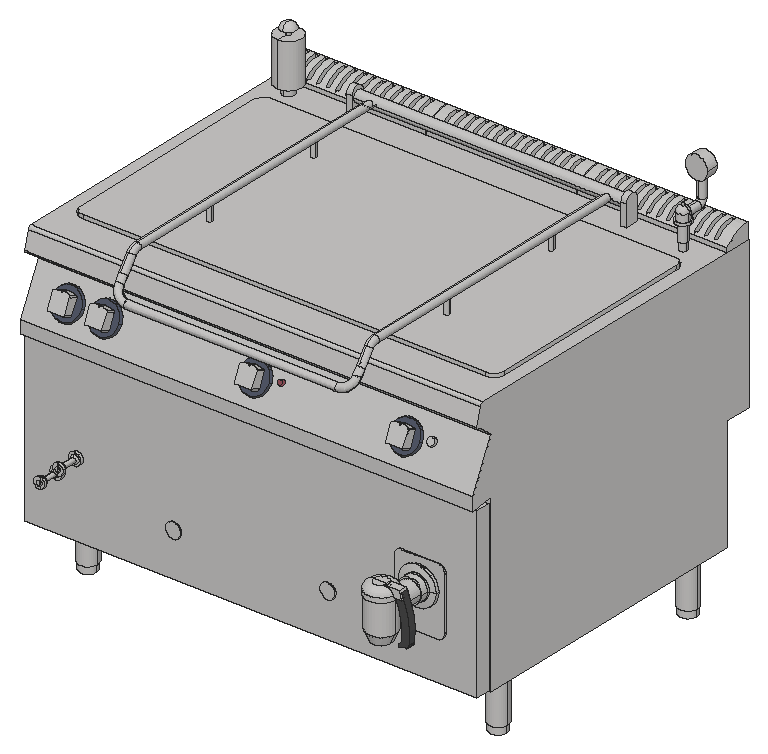
Revit family "QF_ZANUSSI_392105_Z9BSGLIUFE", category Specialty Equipment, Revit 2018 (continued)
Lines and regions (mm)
  symbolic lines
    curve 243: line (83.39, -965.306, 0) -> (83.39, -962.823, 0)
    curve 244: line (94.813, -965.306, 0) -> (94.813, -962.823, 0)
    curve 245: line (83.39, -965.306, 0) -> (94.813, -965.306, 0)
    curve 246: line (100.253, -952.823, 0) -> (100.253, -957.823, 0)
    curve 247: line (1077.31, -934.698, 0) -> (1077.31, -999.273, 0)
    curve 248: line (1022.69, -934.698, 0) -> (1022.69, -999.273, 0)
    curve 249: arc (1089.709, -1019.362, 0) -> (1044.635, -989.242, 0) -> (1008.891, -1030, 0) r 41.109
    curve 250: arc (1008.891, -1030, 0) -> (1044.462, -1070.735, 0) -> (1089.617, -1040.975, 0) r 41.109
    curve 251: line (1065.663, -1019.362, 0) -> (1113.876, -1019.362, 0)
    curve 252: line (1065.663, -1040.975, 0) -> (1065.663, -1019.362, 0)
    curve 253: line (1113.876, -1040.975, 0) -> (1065.663, -1040.975, 0)
    curve 254: line (1113.876, -1019.362, 0) -> (1113.876, -1022.064, 0)
    curve 255: line (1106.741, -1019.362, 0) -> (1106.741, -1040.975, 0)
    curve 256: line (1110.542, -1037.936, 0) -> (1132.62, -1037.936, 0)
    curve 257: line (1110.542, -1022.064, 0) -> (1132.62, -1022.064, 0)
    curve 258: line (1132.62, -1037.936, 0) -> (1132.62, -1022.064, 0)
    curve 259: line (1110.542, -1022.064, 0) -> (1110.542, -1037.936, 0)
    curve 260: line (1113.876, -1037.936, 0) -> (1113.876, -1040.975, 0)
    curve 261: line (1018.48, -934.698, 0) -> (1081.52, -934.698, 0)
    curve 262: line (1081.52, -934.698, 0) -> (1081.52, -916.173, 0)
    curve 263: line (1018.48, -934.698, 0) -> (1018.48, -925.68, 0)
    curve 264: arc (1139, -115, 0) -> (1136.313, -104.986, 0) -> (1128.973, -97.664, 0) r 20
    curve 265: arc (1099, -115, 0) -> (1119, -135, 0) -> (1139, -115, 0) r 20
    curve 266: arc (1104, -115, 0) -> (1119, -130, 0) -> (1134, -115, 0) r 15
    curve 267: arc (1134, -115, 0) -> (1119, -100, 0) -> (1104, -115, 0) r 15
    curve 268: line (1089, -40.421, 0) -> (1149, -40.421, 0)
    curve 269: line (1149, -40.421, 0) -> (1149, -69.85, 0)
    curve 270: line (1089, -40.421, 0) -> (1089, -69.85, 0)
    curve 271: line (1109.027, -103.795, 0) -> (1109.027, -69.85, 0)
    curve 272: line (1128.973, -103.795, 0) -> (1128.973, -69.85, 0)
    curve 273: arc (1109.027, -97.664, 0) -> (1101.687, -104.986, 0) -> (1099, -115, 0) r 20
    curve 274: line (294.29, -158.49, 0) -> (905.71, -158.49, 0)
    curve 275: line (275.29, -162.49, 0) -> (66.71, -162.49, 0)
    curve 276: line (905.71, -162.49, 0) -> (294.29, -162.49, 0)
    curve 277: line (924.71, -158.49, 0) -> (1133.29, -158.49, 0)
    curve 278: line (1023, -916.173, 0) -> (1083.56, -916.173, 0)
    curve 279: line (1083.56, -916.173, 0) -> (1083.56, -915, 0)
    curve 280: line (577, -900, 0) -> (577, -924.347, 0)
    curve 281: arc (577, -924.347, 0) -> (577.146, -924.811, 0) -> (577.532, -925.107, 0) r 0.809
    curve 282: arc (577.532, -925.107, 0) -> (578.72, -925.587, 0) -> (579.997, -925.68, 0) r 4.127
    curve 283: arc (577, -904.292, 0) -> (571.959, -902.458, 0) -> (567.191, -900, 0) r 42.24
    curve 284: arc (577, -906.539, 0) -> (577.502, -905.818, 0) -> (578.299, -905.448, 0) r 1.682
    curve 285: arc (578.299, -905.448, 0) -> (588.602, -903.95, 0) -> (599, -903.441, 0) r 109.079
    curve 286: line (599, -900, 0) -> (599, -905.671, 0)
    curve 287: line (599, -905.671, 0) -> (601, -905.671, 0)
    curve 288: line (601, -905.671, 0) -> (601, -900, 0)
    curve 289: line (623, -900, 0) -> (623, -924.347, 0)
    curve 290: arc (623, -924.347, 0) -> (622.854, -924.811, 0) -> (622.468, -925.107, 0) r 0.809
    curve 291: arc (622.468, -925.107, 0) -> (621.28, -925.587, 0) -> (620.003, -925.68, 0) r 4.127
    curve 292: arc (623, -904.292, 0) -> (628.041, -902.458, 0) -> (632.809, -900, 0) r 42.24
    curve 293: arc (623, -906.539, 0) -> (622.498, -905.818, 0) -> (621.701, -905.448, 0) r 1.682
    curve 294: arc (621.701, -905.448, 0) -> (611.398, -903.95, 0) -> (601, -903.441, 0) r 109.079
    curve 295: line (579.997, -925.68, 0) -> (620.003, -925.68, 0)
    curve 296: line (178.786, -900, 0) -> (178.786, -924.347, 0)
    curve 297: arc (178.786, -924.347, 0) -> (178.933, -924.811, 0) -> (179.319, -925.107, 0) r 0.809
    curve 298: arc (179.319, -925.107, 0) -> (180.506, -925.587, 0) -> (181.784, -925.68, 0) r 4.127
    curve 299: arc (178.786, -904.292, 0) -> (173.745, -902.458, 0) -> (168.977, -900, 0) r 42.24
    curve 300: arc (178.786, -906.539, 0) -> (179.289, -905.818, 0) -> (180.086, -905.448, 0) r 1.682
    curve 301: arc (180.086, -905.448, 0) -> (190.388, -903.95, 0) -> (200.786, -903.441, 0) r 109.079
    curve 302: line (200.786, -900, 0) -> (200.786, -905.671, 0)
    curve 303: line (200.786, -905.671, 0) -> (202.786, -905.671, 0)
    curve 304: line (202.786, -905.671, 0) -> (202.786, -900, 0)
    curve 305: line (224.786, -900, 0) -> (224.786, -924.347, 0)
    curve 306: arc (224.786, -924.347, 0) -> (224.64, -924.811, 0) -> (224.254, -925.107, 0) r 0.809
    curve 307: arc (224.254, -925.107, 0) -> (223.067, -925.587, 0) -> (221.789, -925.68, 0) r 4.127
    curve 308: arc (224.786, -904.292, 0) -> (229.828, -902.458, 0) -> (234.596, -900, 0) r 42.24
    curve 309: arc (224.786, -906.539, 0) -> (224.284, -905.818, 0) -> (223.487, -905.448, 0) r 1.682
    curve 310: arc (223.487, -905.448, 0) -> (213.185, -903.95, 0) -> (202.786, -903.441, 0) r 109.079
    curve 311: line (181.784, -925.68, 0) -> (221.789, -925.68, 0)
    curve 312: line (79.457, -900, 0) -> (79.457, -924.347, 0)
    curve 313: arc (79.457, -924.347, 0) -> (79.603, -924.811, 0) -> (79.989, -925.107, 0) r 0.809
    curve 314: arc (79.989, -925.107, 0) -> (81.177, -925.587, 0) -> (82.454, -925.68, 0) r 4.127
    curve 315: arc (79.457, -904.292, 0) -> (74.416, -902.458, 0) -> (69.648, -900, 0) r 42.24
    curve 316: arc (79.457, -906.539, 0) -> (79.959, -905.818, 0) -> (80.756, -905.448, 0) r 1.682
    curve 317: arc (80.756, -905.448, 0) -> (91.059, -903.95, 0) -> (101.457, -903.441, 0) r 109.079
    curve 318: line (101.457, -900, 0) -> (101.457, -905.671, 0)
    curve 319: line (101.457, -905.671, 0) -> (103.457, -905.671, 0)
    curve 320: line (103.457, -905.671, 0) -> (103.457, -900, 0)
    curve 321: line (125.457, -900, 0) -> (125.457, -924.347, 0)
    curve 322: arc (125.457, -924.347, 0) -> (125.311, -924.811, 0) -> (124.925, -925.107, 0) r 0.809
    curve 323: arc (124.925, -925.107, 0) -> (123.737, -925.587, 0) -> (122.459, -925.68, 0) r 4.127
    curve 324: arc (125.457, -904.292, 0) -> (130.498, -902.458, 0) -> (135.266, -900, 0) r 42.24
    curve 325: arc (125.457, -906.539, 0) -> (124.955, -905.818, 0) -> (124.157, -905.448, 0) r 1.682
    curve 326: arc (124.157, -905.448, 0) -> (113.855, -903.95, 0) -> (103.457, -903.441, 0) r 109.079
    curve 327: line (82.454, -925.68, 0) -> (122.459, -925.68, 0)
    curve 328: line (977, -900, 0) -> (977, -924.347, 0)
    curve 329: arc (977, -924.347, 0) -> (977.146, -924.811, 0) -> (977.532, -925.107, 0) r 0.809
    curve 330: arc (977.532, -925.107, 0) -> (978.72, -925.587, 0) -> (979.997, -925.68, 0) r 4.127
    curve 331: arc (977, -904.292, 0) -> (971.959, -902.458, 0) -> (967.191, -900, 0) r 42.24
    curve 332: arc (977, -906.539, 0) -> (977.502, -905.818, 0) -> (978.299, -905.448, 0) r 1.682
    curve 333: arc (978.299, -905.448, 0) -> (988.602, -903.95, 0) -> (999, -903.441, 0) r 109.079
    curve 334: line (999, -900, 0) -> (999, -905.671, 0)
    curve 335: line (999, -905.671, 0) -> (1001, -905.671, 0)
    curve 336: line (1001, -905.671, 0) -> (1001, -900, 0)
    curve 337: line (1023, -900, 0) -> (1023, -924.347, 0)
    curve 338: arc (1023, -924.347, 0) -> (1022.854, -924.811, 0) -> (1022.468, -925.107, 0) r 0.809
    curve 339: arc (1022.468, -925.107, 0) -> (1021.28, -925.587, 0) -> (1020.003, -925.68, 0) r 4.127
    curve 340: arc (1023, -904.292, 0) -> (1028.041, -902.458, 0) -> (1032.809, -900, 0) r 42.24
    curve 341: arc (1023, -906.539, 0) -> (1022.498, -905.818, 0) -> (1021.701, -905.448, 0) r 1.682
    curve 342: arc (1021.701, -905.448, 0) -> (1011.398, -903.95, 0) -> (1001, -903.441, 0) r 109.079
    curve 343: line (979.997, -925.68, 0) -> (1020.003, -925.68, 0)
    curve 344: line (79.457, -915, 0) -> (0, -915, 0)
    curve 345: line (178.786, -915, 0) -> (125.457, -915, 0)
    curve 346: line (577, -915, 0) -> (294.29, -915, 0)
    curve 347: line (977, -915, 0) -> (924.71, -915, 0)
    curve 348: line (905.71, -900, 0) -> (294.29, -900, 0)
    curve 349: line (275.29, -900, 0) -> (0, -900, 0)
    curve 350: line (1200, -900, 0) -> (924.71, -900, 0)
Dimensions and locks
  equal spacing: plane 3 "LEFT", plane 7 "Center Y", plane 4 "RIGHT"
  "Width": plane 3 "LEFT" to plane 4 "RIGHT"
  equal spacing: plane 5 "FRONT", plane 8 "Center X", plane 1 "BACK"
  "Depth": plane 5 "FRONT" to plane 1 "BACK"
  "Height": plane 6 "TOP" to level
  plane 9 to level = 1734 mm
  plane 10 to level = 150 mm
  plane 1 "BACK" to plane 11 = 130 mm
  plane 11 to plane 12 = 630 mm
  plane 1 "BACK" to plane 13 = 1015 mm
  plane 14 to plane 3 "LEFT" = 56 mm
  plane 15 to plane 4 "RIGHT" = 56 mm
  Revolve 12 to level = 300 mm
  Extrusion 38 sketch curve to plane 1 "BACK" = 804.3 mm
  Extrusion 38 sketch curve to plane 4 "RIGHT" = 140 mm
  Extrusion 39 sketch curve to plane 1 "BACK" = 704.3 mm
  plane 3 "LEFT" to Extrusion 39 sketch curve = 100 mm
  Extrusion 39 sketch curve to plane 1 "BACK" = 804.3 mm
  plane 3 "LEFT" to Extrusion 39 sketch curve = 160 mm
  Extrusion 39 to plane 1 "BACK" = 704.3 mm
  Extrusion 39 to plane 1 "BACK" = 804.3 mm
  Extrusion 38 to plane 1 "BACK" = 804.3 mm
  plane 3 "LEFT" to plane 17 = 100 mm
  plane 3 "LEFT" to plane 18 = 160 mm
  plane 16 to plane 4 "RIGHT" = 140 mm
  equal spacing: plane 3 "LEFT", Extrusion 39 sketch curve, Extrusion 39 sketch curve
  Extrusion 39 sketch curve to plane 1 "BACK" = 734.3 mm
  aligned and locked: level to plane 2
  aligned and locked: Extrusion 1 to plane 4 "RIGHT"
Automatic sketch dimensions
  Extrusion 1 sketch curve to plane 5 "FRONT" = 0 mm
  Extrusion 1 sketch curve to plane 6 "TOP" = 0 mm
  Extrusion 1 sketch curve to plane 10 = 0 mm
  Extrusion 1 sketch curve to plane 1 "BACK" = 0 mm
  Extrusion 1 sketch curve to plane 5 "FRONT" = 15 mm
  Extrusion 1 sketch curve to plane 5 "FRONT" = 15.116 mm
  Extrusion 1 sketch curve to Extrusion 1 sketch curve = 2.884 mm
  Extrusion 1 sketch curve to plane 6 "TOP" = 7.474 mm
  Extrusion 1 sketch curve to plane 5 "FRONT" = 28.167 mm
  Extrusion 1 sketch curve to Extrusion 1 sketch curve = 10.198 mm
  Extrusion 1 sketch curve to Extrusion 1 sketch curve = 40 mm
  Extrusion 1 sketch curve to Extrusion 1 sketch curve = 1.355 mm
  Extrusion 1 sketch curve to Extrusion 1 sketch curve = 0.445 mm
  Extrusion 1 sketch curve to Extrusion 1 sketch curve = 5 mm
  Extrusion 1 sketch curve to Extrusion 1 sketch curve = 31.82 mm
  plane 11 to Extrusion 1 sketch curve = 58.563 mm
  plane 10 to Extrusion 1 sketch curve = 5 mm
  plane 10 to Extrusion 1 sketch curve = 300.038 mm
  Extrusion 1 sketch curve to Extrusion 1 sketch curve = 242.526 mm
  Extrusion 1 sketch curve to Extrusion 1 sketch curve = 5.508 mm
  Extrusion 1 sketch curve to Extrusion 1 sketch curve = 10.259 mm
  Extrusion 1 sketch curve to Extrusion 1 sketch curve = 35 mm
  Extrusion 1 sketch curve to Extrusion 1 sketch curve = 81.162 mm
  Extrusion 1 sketch curve to Extrusion 1 sketch curve = 49.342 mm
  Extrusion 1 sketch curve to Extrusion 1 sketch curve = 3 mm
  Revolve 2 sketch curve to plane 10 = 0 mm  (x2)
  Revolve 2 sketch curve to level = 0 mm
  Revolve 2 sketch curve to plane 14 = 0 mm  (x2)
  Revolve 2 sketch curve to plane 14 = 22.9 mm
  Revolve 2 sketch curve to Revolve 2 sketch curve = 2.5 mm
  level to Revolve 2 sketch curve = 19.05 mm
  plane 10 to Revolve 2 sketch curve = 20 mm
  Revolve 3 sketch curve to plane 10 = 0 mm  (x2)
  Revolve 3 sketch curve to level = 0 mm
  Revolve 3 sketch curve to plane 14 = 0 mm  (x2)
  Revolve 3 sketch curve to plane 14 = 22.9 mm
  Revolve 3 sketch curve to Revolve 3 sketch curve = 2.5 mm
  level to Revolve 3 sketch curve = 19.05 mm
  plane 10 to Revolve 3 sketch curve = 20 mm
  Revolve 4 sketch curve to plane 10 = 0 mm  (x2)
  Revolve 4 sketch curve to level = 0 mm
  plane 15 to Revolve 4 sketch curve = 0 mm  (x2)
  Revolve 4 sketch curve to plane 15 = 22.9 mm
  Revolve 4 sketch curve to Revolve 4 sketch curve = 2.5 mm
  level to Revolve 4 sketch curve = 19.05 mm
  Revolve 4 sketch curve to Revolve 4 sketch curve = 20 mm
  Revolve 5 sketch curve to plane 10 = 0 mm  (x2)
  Revolve 5 sketch curve to level = 0 mm
  plane 15 to Revolve 5 sketch curve = 0 mm  (x2)
  Revolve 5 sketch curve to plane 15 = 22.9 mm
  Revolve 5 sketch curve to Revolve 5 sketch curve = 2.5 mm
  level to Revolve 5 sketch curve = 19.05 mm
  Revolve 5 sketch curve to Revolve 5 sketch curve = 20 mm
  Extrusion 6 sketch curve to plane 6 "TOP" = 0 mm
  Extrusion 6 sketch curve to plane 1 "BACK" = 0 mm
  plane 1 "BACK" to Extrusion 6 sketch curve = 4.947 mm
  plane 6 "TOP" to Extrusion 6 sketch curve = 10.4 mm
  plane 11 to Extrusion 6 sketch curve = 60.15 mm
  Extrusion 6 sketch curve to plane 6 "TOP" = 39.807 mm
  plane 1 "BACK" to Extrusion 7 sketch curve = 6.761 mm  (x14)
  Extrusion 7 sketch curve to Extrusion 7 sketch curve = 57.15 mm
  Extrusion 7 sketch curve to Extrusion 7 sketch curve = 0 mm  (x13)
  Extrusion 7 sketch curve to plane 18 = 6.44 mm
  plane 18 to Extrusion 7 sketch curve = 2.855 mm
  Extrusion 7 sketch curve to Extrusion 7 sketch curve = 16.193 mm  (x10)
  Extrusion 7 sketch curve to Extrusion 7 sketch curve = 9.296 mm  (x11)
  Extrusion 7 sketch curve to plane 17 = 15.464 mm
  Extrusion 7 sketch curve to plane 17 = 6.168 mm
  plane 17 to Extrusion 7 sketch curve = 10.025 mm
  plane 14 to Extrusion 7 sketch curve = 8.487 mm
  Extrusion 7 sketch curve to plane 14 = 0.809 mm
  plane 7 "Center Y" to Extrusion 8 sketch curve = 67.108 mm
  plane 10 to Extrusion 9 sketch curve = 121.87 mm  (x2)
  plane 7 "Center Y" to Extrusion 9 sketch curve = 205.027 mm
  Extrusion 9 sketch curve to plane 7 "Center Y" = 205.027 mm
  Extrusion 10 sketch curve to plane 16 = 56.875 mm
  plane 10 to Extrusion 10 sketch curve = 111.296 mm
  Extrusion 10 sketch curve to Extrusion 10 sketch curve = 20 mm  (x3)
  Extrusion 10 sketch curve to Extrusion 10 sketch curve = 140 mm
  plane 16 to Extrusion 10 sketch curve = 36.875 mm
  Extrusion 10 sketch curve to Extrusion 10 sketch curve = 0 mm
  Revolve 11 sketch curve to plane 16 = 10 mm  (x2)
  Revolve 11 sketch curve to plane 13 = 7.783 mm
  plane 16 to Revolve 11 sketch curve = 17.31 mm
  Revolve 11 sketch curve to Revolve 11 sketch curve = 4.21 mm
  Revolve 11 sketch curve to Revolve 11 sketch curve = 2.04 mm
  Revolve 11 sketch curve to Revolve 11 sketch curve = 16.919 mm
  plane 5 "FRONT" to Revolve 11 sketch curve = 19.698 mm
  plane 5 "FRONT" to Revolve 11 sketch curve = 1.173 mm
  Revolve 11 sketch curve to plane 5 "FRONT" = 1.725 mm
  Revolve 11 sketch curve to plane 5 "FRONT" = 5.321 mm
  Revolve 11 sketch curve to plane 5 "FRONT" = 11.8 mm
  plane 5 "FRONT" to Revolve 11 sketch curve = 13.2 mm
  Revolve 11 sketch curve to Revolve 11 sketch curve = 15 mm
  Revolve 12 sketch curve to plane 16 = 10 mm  (x2)
  plane 16 to Revolve 12 sketch curve = 10.039 mm
  plane 16 to Revolve 12 sketch curve = 16.476 mm
  Revolve 12 sketch curve to Revolve 12 sketch curve = 17.448 mm
  Revolve 12 sketch curve to Revolve 12 sketch curve = 3.622 mm
  plane 10 to Revolve 12 sketch curve = 150 mm
  Revolve 12 sketch curve to Revolve 12 sketch curve = 25 mm
  Revolve 12 sketch curve to Revolve 12 sketch curve = 83.963 mm
  Revolve 12 sketch curve to Revolve 12 sketch curve = 7.566 mm
  Revolve 12 sketch curve to Revolve 12 sketch curve = 12.044 mm
  Revolve 12 sketch curve to Revolve 12 sketch curve = 9.34 mm
  Revolve 12 sketch curve to Revolve 12 sketch curve = 22.59 mm
  Extrusion 13 sketch curve to plane 16 = 159.841 mm
  Extrusion 13 sketch curve to Extrusion 13 sketch curve = 43.767 mm
  plane 16 to Extrusion 13 sketch curve = 28.183 mm
  plane 16 to Extrusion 13 sketch curve = 40.92 mm
  Extrusion 13 sketch curve to Extrusion 13 sketch curve = 4.116 mm
  Extrusion 13 sketch curve to Extrusion 13 sketch curve = 0.284 mm
  Extrusion 13 sketch curve to Extrusion 13 sketch curve = 22.359 mm
  Extrusion 13 sketch curve to Extrusion 13 sketch curve = 15.496 mm
  Extrusion 13 sketch curve to Extrusion 13 sketch curve = 1.357 mm
  plane 10 to Extrusion 13 sketch curve = 154.686 mm
  Extrusion 13 sketch curve to Extrusion 13 sketch curve = 2.347 mm
  Extrusion 13 sketch curve to Extrusion 13 sketch curve = 3.764 mm
  Extrusion 13 sketch curve to Extrusion 13 sketch curve = 9.908 mm
  Extrusion 13 sketch curve to Extrusion 13 sketch curve = 16.421 mm
  plane 10 to Extrusion 13 sketch curve = 185.038 mm
  Extrusion 13 sketch curve to Extrusion 13 sketch curve = 10.691 mm
  Extrusion 13 sketch curve to Extrusion 13 sketch curve = 109.427 mm
  Extrusion 13 sketch curve to Extrusion 13 sketch curve = 0 mm
  Extrusion 14 sketch curve to plane 16 = 19.756 mm
  Extrusion 14 sketch curve to plane 16 = 7.039 mm
  plane 16 to Extrusion 14 sketch curve = 5.663 mm
  plane 16 to Extrusion 14 sketch curve = 26.837 mm
  Extrusion 14 sketch curve to Extrusion 14 sketch curve = 19.905 mm
  Extrusion 14 sketch curve to Extrusion 14 sketch curve = 7.134 mm
  plane 10 to Extrusion 14 sketch curve = 254.162 mm
  Extrusion 14 sketch curve to Extrusion 14 sketch curve = 0.322 mm
  Revolve 15 sketch curve to plane 13 = 49.694 mm
  Revolve 15 sketch curve to Revolve 15 sketch curve = 2.482 mm
  Revolve 15 sketch curve to Revolve 15 sketch curve = 5 mm  (x2)
  Revolve 15 sketch curve to plane 5 "FRONT" = 2.495 mm
  Revolve 15 sketch curve to plane 5 "FRONT" = 7.812 mm
  Revolve 15 sketch curve to Revolve 15 sketch curve = 3.012 mm
  Revolve 15 sketch curve to Revolve 15 sketch curve = 4.216 mm
  plane 10 to Revolve 15 sketch curve = 187.629 mm
  Revolve 15 sketch curve to Revolve 15 sketch curve = 1.968 mm
  Revolve 15 sketch curve to Revolve 15 sketch curve = 3.253 mm
  Revolve 15 sketch curve to Revolve 15 sketch curve = 6.355 mm
  Revolve 15 sketch curve to Revolve 15 sketch curve = 4.305 mm
  Revolve 15 sketch curve to Revolve 15 sketch curve = 8.693 mm
  Revolve 15 sketch curve to Revolve 15 sketch curve = 0.862 mm
  Revolve 15 sketch curve to Revolve 15 sketch curve = 0 mm  (x2)
  Revolve 15 sketch curve to Revolve 15 sketch curve = 4.148 mm
  Revolve 16 sketch curve to plane 13 = 49.694 mm
  Revolve 16 sketch curve to Revolve 16 sketch curve = 2.482 mm
  Revolve 16 sketch curve to Revolve 16 sketch curve = 5 mm  (x2)
  Revolve 16 sketch curve to plane 5 "FRONT" = 2.495 mm
  Revolve 16 sketch curve to plane 5 "FRONT" = 7.812 mm
  Revolve 16 sketch curve to Revolve 16 sketch curve = 3.012 mm
  Revolve 16 sketch curve to Revolve 16 sketch curve = 4.216 mm
  plane 10 to Revolve 16 sketch curve = 138.132 mm
  Revolve 16 sketch curve to Revolve 16 sketch curve = 1.968 mm
  Revolve 16 sketch curve to Revolve 16 sketch curve = 3.253 mm
  Revolve 16 sketch curve to Revolve 16 sketch curve = 6.355 mm
  Revolve 16 sketch curve to Revolve 16 sketch curve = 4.305 mm
  Revolve 16 sketch curve to Revolve 16 sketch curve = 8.693 mm
  Revolve 16 sketch curve to Revolve 16 sketch curve = 0.862 mm
  Revolve 16 sketch curve to Revolve 16 sketch curve = 0 mm  (x2)
  Revolve 16 sketch curve to Revolve 16 sketch curve = 4.148 mm
  Extrusion 17 sketch curve to plane 6 "TOP" = 0 mm
  Extrusion 17 sketch curve to plane 1 "BACK" = 0 mm
  plane 1 "BACK" to Extrusion 17 sketch curve = 4.947 mm
  plane 6 "TOP" to Extrusion 17 sketch curve = 10.4 mm
  plane 11 to Extrusion 17 sketch curve = 60.15 mm
  Extrusion 17 sketch curve to plane 6 "TOP" = 39.807 mm
  plane 1 "BACK" to Extrusion 18 sketch curve = 6.761 mm  (x14)
  plane 7 "Center Y" to Extrusion 18 sketch curve = 17.417 mm
  Extrusion 18 sketch curve to Extrusion 18 sketch curve = 57.15 mm
  Extrusion 18 sketch curve to plane 7 "Center Y" = 8.071 mm
  Extrusion 18 sketch curve to Extrusion 18 sketch curve = 0 mm  (x13)
  Extrusion 18 sketch curve to Extrusion 18 sketch curve = 9.296 mm  (x13)
  Extrusion 18 sketch curve to Extrusion 18 sketch curve = 16.193 mm  (x12)
  plane 7 "Center Y" to Extrusion 18 sketch curve = 8.121 mm
  Extrusion 19 sketch curve to plane 6 "TOP" = 0 mm
  Extrusion 19 sketch curve to plane 1 "BACK" = 0 mm
  plane 1 "BACK" to Extrusion 19 sketch curve = 4.947 mm
  plane 6 "TOP" to Extrusion 19 sketch curve = 10.4 mm
  plane 11 to Extrusion 19 sketch curve = 60.15 mm
  Extrusion 19 sketch curve to plane 6 "TOP" = 39.807 mm
  plane 1 "BACK" to Extrusion 20 sketch curve = 6.761 mm  (x14)
  Extrusion 20 sketch curve to plane 16 = 0.902 mm
  Extrusion 20 sketch curve to Extrusion 20 sketch curve = 57.15 mm
  Extrusion 20 sketch curve to Extrusion 20 sketch curve = 0 mm  (x13)
  plane 16 to Extrusion 20 sketch curve = 8.394 mm
  Extrusion 20 sketch curve to plane 15 = 0.859 mm
  Extrusion 20 sketch curve to Extrusion 20 sketch curve = 16.193 mm  (x12)
  Extrusion 20 sketch curve to Extrusion 20 sketch curve = 9.296 mm  (x12)
  plane 15 to Extrusion 20 sketch curve = 8.437 mm
  Extrusion 21 sketch curve to plane 6 "TOP" = 0 mm
  plane 11 to Extrusion 21 sketch curve = 12.5 mm
  Extrusion 21 sketch curve to Extrusion 21 sketch curve = 17.394 mm
  plane 6 "TOP" to Extrusion 21 sketch curve = 57.07 mm
  Extrusion 22 sketch curve to plane 6 "TOP" = 0 mm
  plane 11 to Extrusion 22 sketch curve = 12.5 mm
  Extrusion 22 sketch curve to Extrusion 22 sketch curve = 17.394 mm
  plane 6 "TOP" to Extrusion 22 sketch curve = 57.07 mm
  Extrusion 23 sketch curve to plane 14 = 9.29 mm
  plane 14 to Extrusion 23 sketch curve = 10.71 mm  (x2)
  Extrusion 23 sketch curve to plane 12 = 0.931 mm
  plane 15 to Extrusion 23 sketch curve = 10.71 mm  (x2)
  Extrusion 23 sketch curve to plane 15 = 9.29 mm
  Extrusion 23 sketch curve to plane 11 = 60.49 mm
  Extrusion 24 sketch curve to plane 12 = 0.931 mm
  Extrusion 24 sketch curve to plane 14 = 21.29 mm
  plane 14 to Extrusion 24 sketch curve = 10.71 mm  (x2)
  plane 15 to Extrusion 24 sketch curve = 10.71 mm  (x2)
  Extrusion 24 sketch curve to plane 15 = 21.29 mm
  Extrusion 24 sketch curve to plane 11 = 60.49 mm
  Extrusion 25 sketch curve to Extrusion 25 sketch curve = 28 mm  (x2)
  plane 11 to Extrusion 26 sketch curve = 29.894 mm
  plane 6 "TOP" to Extrusion 26 sketch curve = 50.961 mm
  Sweep 27 sketch curve to plane 5 "FRONT" = 12.572 mm
  Sweep 27 sketch curve to Sweep 27 sketch curve = 20.225 mm
  plane 6 "TOP" to Sweep 27 sketch curve = 25.961 mm
  Sweep 27 sketch curve to Sweep 27 sketch curve = 14.695 mm
  plane 6 "TOP" to Sweep 27 sketch curve = 4.25 mm
  plane 5 "FRONT" to Sweep 27 sketch curve = 13.879 mm
  plane 11 to Sweep 27 sketch curve = 29.894 mm
  Sweep 27 sketch curve to profile plane = 0 mm  (x2)
  plane 3 "LEFT" to Sweep 27 sketch curve = 284.79 mm
  Sweep 27 sketch curve to Sweep 27 sketch curve = 630.421 mm
  Sweep 28 sketch curve to plane 18 = 124.79 mm
  Sweep 28 sketch curve to Sweep 28 sketch curve = 35 mm  (x2)
  Sweep 28 sketch curve to plane 16 = 179.79 mm
  Sweep 28 sketch curve to Sweep 28 sketch curve = 20 mm  (x2)
  profile plane to Sweep 28 sketch curve = 0 mm
  Sweep 28 sketch curve to profile plane = 0 mm
  Extrusion 29 sketch curve to Extrusion 25 = 246.08 mm  (x4)
  Extrusion 29 sketch curve to Extrusion 25 = 145.803 mm  (x2)
  Extrusion 29 sketch curve to Extrusion 25 = 134.383 mm  (x2)
  Extrusion 30 sketch curve to plane 14 = 17.29 mm
  plane 14 to Extrusion 30 sketch curve = 10.71 mm  (x2)
  plane 15 to Extrusion 30 sketch curve = 10.71 mm  (x2)
  Extrusion 30 sketch curve to plane 15 = 17.29 mm
  Extrusion 30 sketch curve to Extrusion 30 sketch curve = 570.441 mm
  Sweep 31 sketch curve to plane 9 = 44.225 mm
  plane 8 "Center X" to Sweep 31 sketch curve = 150.664 mm
  Sweep 31 sketch curve to Sweep 31 sketch curve = 20.225 mm
  Sweep 31 sketch curve to Sweep 31 sketch curve = 14.695 mm
  Sweep 31 sketch curve to Sweep 31 sketch curve = 26.45 mm
  Sweep 31 sketch curve to Sweep 31 sketch curve = 797.097 mm
  Sweep 31 sketch curve to Sweep 31 sketch curve = 36.406 mm
  Sweep 31 sketch curve to profile plane = 0 mm  (x2)
  plane 3 "LEFT" to Sweep 31 sketch curve = 284.79 mm
  Sweep 31 sketch curve to Sweep 31 sketch curve = 630.421 mm
  Sweep 32 sketch curve to plane 18 = 124.79 mm
  Sweep 32 sketch curve to Sweep 32 sketch curve = 35 mm  (x2)
  Sweep 32 sketch curve to plane 16 = 179.79 mm
  Sweep 32 sketch curve to Sweep 32 sketch curve = 20 mm  (x2)
  Sweep 32 sketch curve to profile plane = 0 mm  (x2)
  Extrusion 33 sketch curve to Extrusion 30 = 246.08 mm  (x4)
  Extrusion 33 sketch curve to Extrusion 30 = 145.803 mm  (x2)
  Extrusion 33 sketch curve to Extrusion 30 = 134.383 mm  (x2)
  Revolve 34 sketch curve to plane 11 = 0 mm
  Revolve 34 sketch curve to plane 6 "TOP" = 0 mm
  Revolve 34 sketch curve to plane 11 = 15 mm
  plane 11 to Revolve 34 sketch curve = 5 mm
  Revolve 34 sketch curve to Revolve 34 sketch curve = 15 mm  (x2)
  Revolve 34 sketch curve to Revolve 34 sketch curve = 25 mm
  Revolve 34 sketch curve to Revolve 34 sketch curve = 115 mm
  Revolve 34 sketch curve to Revolve 34 sketch curve = 9.167 mm
  Revolve 34 sketch curve to Revolve 34 sketch curve = 5.833 mm
  Revolve 34 sketch curve to Revolve 34 sketch curve = 0 mm  (x2)
  Revolve 34 sketch curve to Revolve 34 sketch curve = 6.793 mm
  Revolve 35 sketch curve to plane 6 "TOP" = 0 mm
  plane 15 to Revolve 35 sketch curve = 25 mm
  Revolve 35 sketch curve to Revolve 35 sketch curve = 0 mm  (x3)
  Revolve 35 sketch curve to Revolve 35 sketch curve = 2.244 mm
  Revolve 35 sketch curve to Revolve 35 sketch curve = 10 mm
  plane 15 to Revolve 35 sketch curve = 13.437 mm
  Revolve 35 sketch curve to Revolve 35 sketch curve = 3.437 mm
  plane 15 to Revolve 35 sketch curve = 5 mm
  plane 6 "TOP" to Revolve 35 sketch curve = 21.175 mm
  Revolve 35 sketch curve to Revolve 35 sketch curve = 45 mm
  Revolve 35 sketch curve to Revolve 35 sketch curve = 5 mm  (x2)
  Revolve 35 sketch curve to Revolve 35 sketch curve = 18.75 mm
  Revolve 35 sketch curve to Revolve 35 sketch curve = 5.244 mm
  plane 11 to Sweep 36 sketch curve = 62.341 mm
  Sweep 36 sketch curve to Sweep 36 sketch curve = 15 mm
  plane 6 "TOP" to Sweep 36 sketch curve = 82.5 mm
  plane 11 to Sweep 36 sketch curve = 14.894 mm
  Sweep 36 sketch curve to Sweep 36 sketch curve = 50 mm
  Sweep 36 sketch curve to profile plane = 0 mm  (x2)
  plane 15 to Extrusion 37 sketch curve = 25 mm
  plane 6 "TOP" to Extrusion 37 sketch curve = 174.375 mm
  plane 18 to Extrusion 39 sketch curve = 20 mm
  Extrusion 41 sketch curve to plane 5 "FRONT" = 9.329 mm
  Extrusion 41 sketch curve to plane 6 "TOP" = 112.016 mm
  Extrusion 41 sketch curve to Extrusion 41 sketch curve = 3 mm
  Extrusion 41 sketch curve to Extrusion 41 sketch curve = 0 mm
  Extrusion 41 sketch curve to Extrusion 41 sketch curve = 1 mm  (x2)
  Extrusion 41 sketch curve to Extrusion 41 sketch curve = 15 mm
  Extrusion 42 sketch curve to plane 17 = 19.957 mm
  plane 17 to Extrusion 42 sketch curve = 15.043 mm
  Extrusion 42 sketch curve to Extrusion 42 sketch curve = 35 mm
  Extrusion 43 sketch curve to plane 17 = 25.457 mm
  Extrusion 43 sketch curve to Extrusion 43 sketch curve = 2.997 mm  (x3)
  Extrusion 43 sketch curve to plane 17 = 2.457 mm
  plane 17 to Extrusion 43 sketch curve = 17.546 mm  (x2)
  Extrusion 43 sketch curve to Extrusion 43 sketch curve = 0 mm  (x2)
  Extrusion 43 sketch curve to Extrusion 43 sketch curve = 40.037 mm
  Extrusion 43 sketch curve to Extrusion 43 sketch curve = 5.399 mm
  Blend 44 sketch curve to plane 17 = 2.457 mm  (x2)
  Split face 2 sketch curve to Split face 2 sketch curve = 6 mm
  Split face 2 sketch curve to Split face 2 sketch curve = 30.402 mm
  Split face 2 sketch curve to Split face 2 sketch curve = 9.201 mm
  Split face 2 sketch curve to Split face 2 sketch curve = 2.43 mm
  Split face 2 sketch curve to Split face 2 sketch curve = 0.785 mm
  Blend 45 sketch curve to plane 7 "Center Y" = 0 mm  (x2)
  Extrusion 46 sketch curve to plane 7 "Center Y" = 0 mm
  Extrusion 46 sketch curve to plane 7 "Center Y" = 20.003 mm  (x2)
  Extrusion 46 sketch curve to Extrusion 46 sketch curve = 2.997 mm  (x2)
  plane 7 "Center Y" to Extrusion 46 sketch curve = 20.003 mm  (x2)
  Extrusion 46 sketch curve to Extrusion 46 sketch curve = 5.399 mm
  Extrusion 46 sketch curve to Extrusion 46 sketch curve = 40.037 mm
  Extrusion 46 sketch curve to Extrusion 46 sketch curve = 0 mm  (x2)
  Extrusion 47 sketch curve to plane 7 "Center Y" = 17.5 mm
  plane 7 "Center Y" to Extrusion 47 sketch curve = 17.5 mm
  Extrusion 47 sketch curve to Extrusion 47 sketch curve = 35 mm
  Extrusion 48 sketch curve to plane 5 "FRONT" = 9.329 mm
  Extrusion 48 sketch curve to plane 6 "TOP" = 112.016 mm
  Extrusion 48 sketch curve to Extrusion 48 sketch curve = 3 mm
  Extrusion 48 sketch curve to Extrusion 48 sketch curve = 0 mm
  Extrusion 48 sketch curve to Extrusion 48 sketch curve = 1 mm  (x2)
  Extrusion 48 sketch curve to Extrusion 48 sketch curve = 15 mm
  Split face 12 sketch curve to Split face 12 sketch curve = 6 mm
  Split face 12 sketch curve to Split face 12 sketch curve = 10 mm
  Split face 13 sketch curve to Split face 13 sketch curve = 5 mm
  Split face 13 sketch curve to Split face 13 sketch curve = 9 mm
  Split face 14 sketch curve to Split face 14 sketch curve = 5 mm
  Split face 15 sketch curve to Split face 15 sketch curve = 5 mm
  Extrusion 49 sketch curve to plane 5 "FRONT" = 9.329 mm
  Extrusion 49 sketch curve to plane 6 "TOP" = 112.016 mm
  Extrusion 49 sketch curve to Extrusion 49 sketch curve = 3 mm
  Extrusion 49 sketch curve to Extrusion 49 sketch curve = 0 mm
  Extrusion 49 sketch curve to Extrusion 49 sketch curve = 1 mm  (x2)
  Extrusion 49 sketch curve to Extrusion 49 sketch curve = 15 mm
  Extrusion 50 sketch curve to plane 18 = 59.286 mm
  Extrusion 50 sketch curve to plane 18 = 24.286 mm
  Extrusion 50 sketch curve to Extrusion 50 sketch curve = 35 mm
  Extrusion 51 sketch curve to plane 18 = 64.786 mm
  Extrusion 51 sketch curve to Extrusion 51 sketch curve = 2.997 mm  (x3)
  Extrusion 51 sketch curve to Extrusion 51 sketch curve = 20.003 mm  (x2)
  Extrusion 51 sketch curve to plane 18 = 21.784 mm
  Extrusion 51 sketch curve to Extrusion 51 sketch curve = 0 mm  (x2)
  Extrusion 51 sketch curve to Extrusion 51 sketch curve = 40.037 mm
  Extrusion 51 sketch curve to Extrusion 51 sketch curve = 5.399 mm
  Blend 52 sketch curve to plane 18 = 41.786 mm  (x2)
  Split face 20 sketch curve to Split face 20 sketch curve = 6 mm
  Split face 20 sketch curve to Split face 20 sketch curve = 30.402 mm
  Split face 20 sketch curve to Split face 20 sketch curve = 9.201 mm
  Split face 20 sketch curve to Split face 20 sketch curve = 2.43 mm
  Split face 20 sketch curve to Split face 20 sketch curve = 0.785 mm
  Blend 53 sketch curve to plane 16 = 60 mm  (x2)
  Extrusion 54 sketch curve to plane 16 = 83 mm
  Extrusion 54 sketch curve to Extrusion 54 sketch curve = 2.997 mm  (x3)
  Extrusion 54 sketch curve to Extrusion 54 sketch curve = 20.003 mm  (x2)
  Extrusion 54 sketch curve to plane 16 = 39.997 mm
  Extrusion 54 sketch curve to Extrusion 54 sketch curve = 5.399 mm
  Extrusion 54 sketch curve to Extrusion 54 sketch curve = 40.037 mm
  Extrusion 54 sketch curve to Extrusion 54 sketch curve = 0 mm  (x2)
  Extrusion 55 sketch curve to plane 16 = 77.5 mm
  Extrusion 55 sketch curve to Extrusion 55 sketch curve = 35 mm  (x2)
  Extrusion 56 sketch curve to plane 5 "FRONT" = 9.329 mm
  Extrusion 56 sketch curve to plane 6 "TOP" = 112.016 mm
  Extrusion 56 sketch curve to Extrusion 56 sketch curve = 3 mm
  Extrusion 56 sketch curve to Extrusion 56 sketch curve = 0 mm
  Extrusion 56 sketch curve to Extrusion 56 sketch curve = 1 mm  (x2)
  Extrusion 56 sketch curve to Extrusion 56 sketch curve = 15 mm
  Split face 30 sketch curve to Split face 30 sketch curve = 6 mm
  Split face 30 sketch curve to Split face 30 sketch curve = 10 mm
  Split face 31 sketch curve to Split face 31 sketch curve = 5 mm
  Split face 31 sketch curve to Split face 31 sketch curve = 9 mm
  Split face 32 sketch curve to Split face 32 sketch curve = 5 mm
  Split face 33 sketch curve to Split face 33 sketch curve = 5 mm
  plane 16 to Extrusion 57 sketch curve = 7.108 mm
  plane 5 "FRONT" to Extrusion 40 sketch curve = 0 mm  (x2)
  plane 1 "BACK" to Extrusion 40 sketch curve = 0 mm
  Extrusion 40 sketch curve to plane 3 "LEFT" = 0 mm
  Extrusion 40 sketch curve to plane 4 "RIGHT" = 0 mm
  Extrusion 40 sketch curve to plane 3 "LEFT" = 50 mm
  Extrusion 40 sketch curve to plane 4 "RIGHT" = 50 mm
  Extrusion 40 sketch curve to plane 1 "BACK" = 50 mm
  curve 5 to curve 19 = 0 mm  (x2)
  curve 7 to curve 17 = 0 mm  (x2)
  curve 9 to curve 15 = 0 mm  (x2)
  curve 11 to curve 13 = 0 mm  (x2)
  curve 47 to curve 49 = 0 mm
  curve 48 to curve 50 = 0 mm
  curve 249 to curve 250 = 0 mm
  curve 264 to curve 265 = 0 mm
  curve 264 to curve 266 = 0 mm  (x2)
  curve 264 to curve 273 = 0 mm
  plane 5 "FRONT" to curve 3 = 0 mm
  plane 1 "BACK" to curve 45 = 0 mm
  curve 45 to plane 3 "LEFT" = 0 mm
  curve 49 to plane 11 = 0 mm
  plane 5 "FRONT" to curve 344 = 0 mm
  plane 5 "FRONT" to curve 345 = 0 mm
  plane 5 "FRONT" to curve 221 = 0 mm
  plane 5 "FRONT" to curve 346 = 0 mm
  plane 5 "FRONT" to curve 222 = 0 mm
  plane 5 "FRONT" to curve 347 = 0 mm
  plane 5 "FRONT" to curve 42 = 0 mm
  curve 46 to plane 4 "RIGHT" = 0 mm
  plane 5 "FRONT" to curve 1 = 0 mm
  curve 2 to plane 3 "LEFT" = 50 mm
  plane 1 "BACK" to curve 52 = 6.761 mm
  curve 52 to plane 14 = 26.297 mm
  curve 12 to plane 12 = 0.931 mm
  curve 12 to plane 14 = 21.29 mm
  curve 12 to curve 4 = 4 mm
  curve 52 to curve 53 = 9.296 mm
  curve 58 to plane 14 = 0.809 mm
  plane 14 to curve 55 = 8.487 mm
  plane 14 to curve 219 = 10.71 mm
  plane 14 to curve 13 = 10.71 mm
  plane 14 to curve 50 = 11.5 mm
  plane 14 to curve 235 = 18.698 mm
  curve 235 to curve 239 = 3.253 mm
  plane 5 "FRONT" to curve 312 = 9.347 mm
  curve 313 to curve 313 = 0.809 mm
  plane 1 "BACK" to curve 62 = 6.761 mm
  curve 56 to curve 62 = 16.193 mm
  curve 316 to curve 316 = 1.583 mm
  curve 313 to curve 314 = 1.846 mm
  curve 313 to curve 327 = 2.189 mm
  curve 236 to curve 245 = 8.693 mm
  curve 61 to curve 61 = 9.296 mm
  plane 17 to curve 315 = 8.651 mm
  plane 17 to curve 245 = 5.187 mm
  curve 239 to plane 17 = 0.253 mm
  curve 318 to plane 17 = 1.457 mm
  curve 317 to plane 17 = 1.588 mm
  curve 317 to curve 326 = 1.738 mm
  curve 318 to curve 320 = 2 mm
  curve 238 to plane 17 = 3.506 mm
  curve 66 to plane 17 = 6.168 mm
  curve 324 to plane 17 = 13.564 mm
  curve 65 to curve 65 = 9.296 mm
  curve 323 to curve 323 = 0.343 mm
  curve 323 to curve 325 = 1.071 mm
  curve 237 to curve 224 = 20.69 mm
  curve 323 to curve 322 = 2.189 mm
  curve 322 to curve 321 = 0.809 mm
  curve 223 to curve 230 = 3.253 mm
  plane 1 "BACK" to curve 70 = 6.761 mm
  curve 64 to curve 70 = 16.193 mm
  curve 224 to curve 233 = 8.693 mm
  curve 67 to curve 67 = 9.296 mm
  curve 231 to curve 232 = 11.423 mm
  plane 18 to curve 234 = 10.249 mm
  curve 234 to curve 223 = 3.253 mm
  plane 18 to curve 103 = 2.855 mm
  curve 104 to plane 18 = 6.44 mm
  curve 296 to plane 18 = 18.786 mm
  curve 297 to curve 297 = 0.809 mm
  curve 300 to curve 300 = 1.583 mm
  curve 297 to curve 298 = 1.846 mm
  curve 297 to curve 311 = 2.189 mm
  plane 1 "BACK" to curve 74 = 6.761 mm
  curve 104 to curve 74 = 16.193 mm
  curve 73 to curve 73 = 9.296 mm
  curve 302 to plane 5 "FRONT" = 9.329 mm
  curve 300 to curve 302 = 20.417 mm
  curve 301 to plane 13 = 2.481 mm
  curve 301 to curve 310 = 1.738 mm
  curve 302 to curve 304 = 2 mm
  plane 1 "BACK" to curve 77 = 6.761 mm
  curve 72 to curve 77 = 16.193 mm
  curve 299 to curve 308 = 22.215 mm
  curve 77 to curve 77 = 9.296 mm
  curve 303 to curve 311 = 19.003 mm
  curve 311 to curve 307 = 0.343 mm
  curve 307 to curve 309 = 1.071 mm
  curve 311 to curve 306 = 2.189 mm
  curve 306 to curve 305 = 0.809 mm
  plane 11 to curve 21 = 12.5 mm
  curve 75 to curve 21 = 11.093 mm
  plane 1 "BACK" to curve 101 = 6.761 mm
  curve 76 to curve 101 = 16.193 mm
  curve 99 to curve 99 = 9.296 mm
  curve 20 to curve 20 = 14.583 mm
  curve 99 to curve 79 = 16.193 mm
  curve 81 to curve 80 = 9.296 mm
  curve 306 to curve 30 = 50.503 mm
  plane 1 "BACK" to curve 85 = 6.761 mm
  curve 80 to curve 85 = 16.193 mm
  curve 85 to curve 85 = 9.296 mm
  curve 37 to curve 31 = 19 mm
  curve 31 to curve 37 = 8.204 mm
  plane 1 "BACK" to curve 89 = 6.761 mm
  curve 84 to curve 89 = 16.193 mm
  curve 87 to curve 87 = 9.296 mm
  curve 38 to plane 5 "FRONT" = 7.238 mm
  curve 346 to curve 38 = 25.35 mm
  curve 37 to curve 35 = 17.754 mm
  plane 5 "FRONT" to curve 36 = 1.606 mm
  curve 38 to curve 36 = 0.609 mm
  plane 1 "BACK" to curve 94 = 6.761 mm
  curve 88 to curve 94 = 16.193 mm
  curve 93 to curve 93 = 9.296 mm
  curve 91 to curve 98 = 16.193 mm
  curve 95 to curve 95 = 9.296 mm
  plane 1 "BACK" to curve 107 = 6.761 mm
  curve 96 to curve 107 = 59.356 mm
  curve 107 to curve 110 = 9.296 mm
  curve 109 to curve 114 = 16.193 mm
  curve 113 to curve 112 = 9.296 mm
  curve 111 to curve 118 = 16.193 mm
  curve 115 to curve 116 = 9.296 mm
  curve 115 to curve 119 = 16.193 mm
  curve 119 to curve 120 = 9.296 mm
  curve 119 to curve 126 = 16.193 mm
  curve 125 to curve 124 = 9.296 mm
  curve 123 to curve 159 = 16.193 mm
  curve 161 to curve 160 = 9.296 mm
  plane 5 "FRONT" to curve 280 = 9.347 mm
  curve 280 to plane 7 "Center Y" = 23 mm
  curve 281 to curve 281 = 0.809 mm
  curve 284 to curve 284 = 1.583 mm
  curve 281 to curve 282 = 1.846 mm
  curve 281 to curve 295 = 2.189 mm
  curve 159 to curve 130 = 16.193 mm
  curve 283 to plane 7 "Center Y" = 11.108 mm
  curve 128 to plane 7 "Center Y" = 8.071 mm
  curve 286 to plane 7 "Center Y" = 1 mm
  curve 285 to plane 7 "Center Y" = 0.869 mm
  plane 7 "Center Y" to curve 294 = 0.869 mm
  plane 7 "Center Y" to curve 287 = 1 mm
  plane 7 "Center Y" to curve 134 = 8.121 mm
  plane 7 "Center Y" to curve 292 = 11.108 mm
  curve 133 to curve 132 = 9.296 mm
  plane 7 "Center Y" to curve 295 = 20.003 mm
  curve 291 to curve 291 = 0.343 mm
  curve 291 to curve 293 = 1.071 mm
  curve 295 to curve 290 = 2.189 mm
  curve 290 to curve 289 = 0.809 mm
  curve 131 to curve 158 = 16.193 mm
  curve 157 to curve 157 = 9.296 mm
  plane 1 "BACK" to curve 137 = 6.761 mm
  curve 156 to curve 137 = 16.193 mm
  curve 135 to curve 135 = 9.296 mm
  plane 1 "BACK" to curve 141 = 6.761 mm
  curve 136 to curve 141 = 16.193 mm
  curve 139 to curve 140 = 9.296 mm
  curve 139 to curve 146 = 16.193 mm
  curve 143 to curve 144 = 9.296 mm
  plane 1 "BACK" to curve 150 = 6.761 mm
  curve 144 to curve 150 = 16.193 mm
  curve 149 to curve 149 = 9.296 mm
  curve 147 to curve 151 = 16.193 mm
  curve 153 to curve 153 = 9.296 mm
  plane 1 "BACK" to curve 163 = 6.761 mm
  curve 152 to curve 163 = 59.356 mm
  curve 163 to curve 163 = 9.296 mm
  curve 165 to curve 170 = 16.193 mm
  curve 167 to curve 167 = 9.296 mm
  plane 5 "FRONT" to curve 39 = 1.606 mm
  curve 39 to plane 16 = 180.248 mm
  curve 35 to curve 34 = 0 mm
  curve 39 to curve 41 = 0.609 mm
  plane 1 "BACK" to curve 174 = 6.761 mm
  curve 168 to curve 174 = 16.193 mm
  curve 173 to curve 173 = 9.296 mm
  curve 39 to curve 40 = 17.754 mm
  curve 40 to curve 33 = 8.204 mm
  curve 171 to curve 175 = 16.193 mm
  curve 177 to curve 176 = 9.296 mm
  curve 39 to curve 32 = 19 mm
  plane 1 "BACK" to curve 181 = 6.761 mm
  curve 176 to curve 181 = 16.193 mm
  curve 181 to curve 180 = 9.296 mm
  curve 179 to curve 26 = 15.955 mm
  curve 179 to curve 216 = 16.193 mm
  curve 213 to curve 214 = 9.296 mm
  curve 28 to curve 27 = 14.583 mm
  plane 5 "FRONT" to curve 328 = 9.347 mm
  curve 347 to curve 328 = 52.29 mm
  curve 329 to curve 329 = 0.809 mm
  curve 332 to curve 332 = 1.583 mm
  curve 329 to curve 330 = 1.846 mm
  curve 329 to curve 343 = 2.189 mm
  curve 213 to curve 183 = 16.193 mm
  curve 328 to curve 331 = 11.892 mm
  curve 185 to curve 185 = 9.296 mm
  curve 335 to plane 5 "FRONT" = 9.329 mm
  curve 332 to curve 335 = 20.417 mm
  curve 333 to plane 13 = 2.481 mm
  curve 333 to plane 16 = 60.869 mm
  curve 333 to curve 342 = 1.738 mm
  curve 334 to curve 336 = 2 mm
  plane 1 "BACK" to curve 190 = 6.761 mm
  curve 184 to curve 190 = 16.193 mm
  curve 331 to curve 340 = 22.215 mm
  curve 189 to curve 188 = 9.296 mm
  curve 335 to curve 261 = 17.48 mm
  curve 263 to curve 343 = 1.523 mm
  curve 339 to curve 339 = 0.343 mm
  curve 339 to curve 341 = 1.071 mm
  curve 339 to curve 338 = 2.189 mm
  curve 338 to curve 337 = 0.809 mm
  curve 187 to curve 209 = 16.193 mm
  curve 211 to curve 211 = 9.296 mm
  curve 250 to plane 16 = 10 mm
  curve 194 to plane 16 = 0.902 mm
  plane 16 to curve 252 = 5.663 mm
  plane 16 to curve 191 = 8.394 mm
  plane 16 to curve 261 = 21.52 mm
  curve 262 to curve 279 = 2.04 mm
  curve 191 to curve 198 = 16.193 mm
  curve 195 to curve 270 = 4.414 mm
  curve 197 to curve 197 = 9.296 mm
  plane 1 "BACK" to curve 201 = 6.761 mm
  curve 196 to curve 201 = 16.193 mm
  plane 13 to curve 259 = 7.064 mm
  plane 15 to curve 259 = 33.458 mm
  curve 256 to curve 260 = 3.334 mm
  curve 257 to curve 254 = 3.334 mm
  plane 15 to curve 264 = 25 mm
  curve 200 to curve 200 = 9.296 mm
  plane 15 to curve 257 = 11.38 mm
  curve 7 to plane 12 = 0.931 mm
  plane 15 to curve 7 = 10.71 mm
  plane 15 to curve 9 = 10.71 mm
  plane 15 to curve 204 = 8.437 mm
  curve 203 to plane 15 = 0.859 mm
  curve 202 to curve 269 = 4.141 mm
  curve 269 to curve 208 = 12.051 mm
  curve 8 to plane 15 = 17.29 mm
  curve 7 to curve 16 = 4 mm
  curve 205 to curve 206 = 9.296 mm
  curve 2 to plane 4 "RIGHT" = 50 mm
  plane 13 to curve 250 = 15 mm
  curve 256 to curve 257 = 15.872 mm
  curve 253 to curve 249 = 10.975 mm
  curve 254 to curve 254 = 2.702 mm
  curve 326 to plane 13 = 2.481 mm
  curve 333 to curve 342 = 0 mm
  curve 285 to plane 13 = 2.481 mm
  curve 285 to curve 294 = 0 mm
  curve 317 to curve 326 = 0 mm
  curve 301 to curve 310 = 0 mm
  curve 35 to plane 13 = 44.316 mm
  curve 231 to plane 13 = 49.694 mm
  curve 245 to curve 231 = 0 mm
  curve 231 to curve 225 = 2.482 mm
  curve 244 to curve 238 = 2.482 mm
  curve 237 to curve 238 = 5 mm
  curve 224 to curve 224 = 5 mm
  curve 230 to curve 227 = 5 mm
  curve 242 to curve 242 = 5 mm
  curve 35 to curve 34 = 19.062 mm
  curve 32 to curve 39 = 2.041 mm
  curve 30 to curve 36 = 2.041 mm
  curve 31 to curve 37 = 1.231 mm
  curve 33 to curve 40 = 1.231 mm
  plane 5 "FRONT" to curve 262 = 19.698 mm
  curve 295 to curve 281 = 1.333 mm
  curve 343 to curve 329 = 1.333 mm
  curve 327 to curve 313 = 1.333 mm
  plane 5 "FRONT" to curve 311 = 10.68 mm
  curve 339 to curve 338 = 1.333 mm
  curve 311 to curve 305 = 1.333 mm
  curve 295 to curve 289 = 1.333 mm
  curve 323 to curve 321 = 1.333 mm
  curve 298 to curve 297 = 1.333 mm
  curve 297 to curve 298 = 2.779 mm
  curve 281 to curve 282 = 2.779 mm
  curve 306 to curve 307 = 2.779 mm
  curve 313 to curve 314 = 2.779 mm
  curve 338 to curve 339 = 2.779 mm
  curve 329 to curve 330 = 2.779 mm
  curve 322 to curve 323 = 2.779 mm
  curve 290 to curve 291 = 2.779 mm
  curve 279 to curve 279 = 1.173 mm
  curve 41 to plane 5 "FRONT" = 7.238 mm
  curve 284 to plane 5 "FRONT" = 7.894 mm
  curve 300 to plane 5 "FRONT" = 7.894 mm
  curve 332 to plane 5 "FRONT" = 7.894 mm
  curve 341 to plane 5 "FRONT" = 7.894 mm
  curve 293 to plane 5 "FRONT" = 7.894 mm
  curve 320 to plane 5 "FRONT" = 9.329 mm
  curve 286 to plane 5 "FRONT" = 9.329 mm
  curve 287 to curve 292 = 41.91 mm
  curve 335 to curve 340 = 41.91 mm
  curve 299 to curve 308 = 0 mm
  curve 331 to curve 340 = 0 mm
  curve 315 to curve 324 = 0 mm
  curve 283 to curve 292 = 0 mm
  curve 11 to plane 11 = 60.49 mm
  curve 16 to plane 11 = 60.49 mm
  plane 11 to curve 29 = 12.5 mm
  plane 11 to curve 264 = 15 mm
  plane 11 to curve 48 = 20 mm
  curve 22 to curve 20 = 34.788 mm
  curve 27 to curve 26 = 34.788 mm
  curve 26 to curve 186 = 18.801 mm
  curve 183 to curve 187 = 0 mm
  curve 166 to curve 163 = 57.15 mm
  curve 264 to curve 205 = 51.089 mm
  curve 187 to curve 209 = 0 mm
  curve 165 to curve 167 = 0 mm
  curve 209 to curve 198 = 0 mm
  curve 213 to curve 183 = 0 mm
  curve 191 to curve 195 = 0 mm
  plane 1 "BACK" to curve 162 = 63.911 mm
  curve 50 to curve 52 = 26.089 mm
  curve 158 to curve 137 = 57.15 mm
  curve 154 to curve 148 = 57.15 mm
  curve 155 to curve 139 = 0 mm
  curve 155 to curve 138 = 0 mm
  curve 53 to curve 55 = 0 mm
  curve 134 to curve 155 = 0 mm
  curve 55 to curve 59 = 0 mm
  curve 159 to curve 130 = 0 mm
  curve 59 to curve 63 = 0 mm
  curve 126 to curve 159 = 0 mm
  curve 63 to curve 67 = 0 mm
  curve 122 to curve 123 = 0 mm
  curve 20 to curve 71 = 18.801 mm
  curve 118 to curve 119 = 0 mm
  curve 20 to curve 75 = 18.801 mm
  curve 114 to curve 115 = 0 mm
  curve 110 to curve 111 = 0 mm
  curve 20 to curve 79 = 18.801 mm
  curve 150 to curve 151 = 0 mm
  curve 67 to curve 106 = 0 mm
  curve 79 to curve 83 = 0 mm
  curve 75 to curve 102 = 0 mm
  curve 83 to curve 87 = 0 mm
  curve 87 to curve 98 = 0 mm
  curve 91 to curve 95 = 0 mm
  curve 182 to curve 213 = 0 mm
  curve 167 to curve 171 = 0 mm
  curve 171 to curve 178 = 0 mm
  curve 139 to curve 146 = 0 mm
  curve 195 to curve 270 = 23.49 mm
  plane 1 "BACK" to curve 97 = 6.761 mm
  plane 1 "BACK" to curve 104 = 6.761 mm
  plane 1 "BACK" to curve 82 = 6.761 mm
  plane 1 "BACK" to curve 112 = 6.761 mm
  plane 1 "BACK" to curve 116 = 6.761 mm
  plane 1 "BACK" to curve 120 = 6.761 mm
  plane 1 "BACK" to curve 66 = 6.761 mm
  plane 1 "BACK" to curve 125 = 6.761 mm
  plane 1 "BACK" to curve 128 = 6.761 mm
  plane 1 "BACK" to curve 132 = 6.761 mm
  plane 1 "BACK" to curve 58 = 6.761 mm
  plane 1 "BACK" to curve 216 = 6.761 mm
  plane 1 "BACK" to curve 212 = 6.761 mm
  plane 1 "BACK" to curve 208 = 6.761 mm
  plane 1 "BACK" to curve 204 = 6.761 mm
  plane 1 "BACK" to curve 144 = 6.761 mm
  plane 1 "BACK" to curve 198 = 6.761 mm
  plane 1 "BACK" to curve 194 = 6.761 mm
  plane 1 "BACK" to curve 186 = 6.761 mm
  plane 1 "BACK" to curve 178 = 6.761 mm
  plane 1 "BACK" to curve 170 = 6.761 mm
  plane 1 "BACK" to curve 162 = 6.761 mm
  plane 1 "BACK" to curve 158 = 6.761 mm
  plane 1 "BACK" to curve 154 = 6.761 mm
  curve 2 to plane 1 "BACK" = 50 mm
  curve 315 to curve 312 = 9.809 mm
  curve 317 to curve 316 = 0.284 mm
  curve 314 to curve 240 = 0.936 mm
  plane 17 to curve 241 = 5.187 mm
  curve 325 to curve 326 = 0.284 mm
  curve 345 to curve 228 = 7.431 mm
  curve 321 to curve 324 = 9.809 mm
  curve 228 to curve 229 = 11.423 mm
  curve 299 to plane 18 = 8.977 mm
  curve 300 to curve 300 = 0.284 mm
  curve 309 to curve 309 = 0.284 mm
  curve 305 to curve 308 = 9.809 mm
  curve 283 to curve 280 = 9.809 mm
  curve 285 to curve 284 = 0.284 mm
  curve 293 to curve 293 = 0.284 mm
  curve 289 to curve 292 = 9.809 mm
  curve 331 to curve 328 = 9.809 mm
  curve 333 to curve 332 = 0.284 mm
  curve 342 to curve 249 = 8.022 mm
  curve 341 to curve 341 = 0.284 mm
  curve 261 to curve 248 = 4.21 mm
  curve 337 to curve 340 = 9.809 mm
  curve 247 to plane 13 = 15.727 mm
  curve 273 to curve 267 = 20 mm
  curve 265 to curve 266 = 5 mm
  curve 255 to curve 256 = 3.801 mm
  curve 270 to curve 271 = 20.027 mm
  curve 272 to curve 267 = 5.027 mm
  curve 325 to curve 325 = 0.567 mm
  curve 332 to curve 332 = 0.567 mm
  curve 316 to curve 316 = 0.567 mm
  curve 300 to curve 300 = 0.567 mm
  curve 284 to curve 284 = 0.567 mm
  curve 293 to curve 293 = 0.567 mm
  curve 309 to curve 309 = 0.567 mm
  curve 341 to curve 341 = 0.567 mm
  curve 325 to curve 324 = 1.156 mm
  curve 316 to curve 315 = 1.156 mm
  curve 300 to curve 299 = 1.156 mm
  curve 293 to curve 292 = 1.156 mm
  curve 333 to curve 331 = 1.156 mm
  curve 309 to curve 308 = 1.156 mm
  curve 308 to curve 305 = 4.292 mm
  curve 310 to curve 304 = 3.441 mm
  curve 317 to curve 318 = 3.441 mm
  curve 299 to curve 296 = 4.292 mm
  curve 315 to curve 312 = 4.292 mm
  curve 324 to curve 321 = 4.292 mm
  curve 219 to curve 218 = 0 mm
  curve 218 to curve 220 = 4 mm
  curve 276 to curve 10 = 0 mm
  curve 276 to curve 274 = 4 mm
  curve 13 to curve 47 = 13.49 mm
  curve 22 to curve 24 = 2.394 mm
  curve 25 to curve 26 = 2.394 mm
  curve 269 to curve 205 = 5.939 mm
  radius of Extrusion 8 sketch curve = 6.35 mm
  radius of Extrusion 9 sketch curve = 20 mm  (x2)
  radius of Extrusion 25 sketch curve to Extrusion 24 = 4 mm  (x2)
  radius of Extrusion 26 sketch curve = 15 mm
  radius of Sweep 27 sketch curve = 9.5 mm  (x2)
  radius of Sweep 28 sketch curve = 9.5 mm
  radius of Extrusion 29 sketch curve = 6 mm  (x4)
  radius of Sweep 31 sketch curve = 9.5 mm  (x2)
  radius of Sweep 32 sketch curve = 9.5 mm
  radius of Extrusion 33 sketch curve = 6 mm  (x4)
  radius of Sweep 36 sketch curve = 10 mm
  radius of Extrusion 37 sketch curve = 30 mm
  radius of Split face 1 sketch curve to Extrusion 37 = 2.63 mm
  radius of Extrusion 39 sketch curve = 9.525 mm  (x2)
  radius of Extrusion 39 sketch curve = 12.7 mm
  radius of Blend 44 sketch curve = 42.5 mm
  radius of Blend 44 sketch curve = 40.5 mm
  radius of Split face 3 sketch curve = 1.5 mm
  radius of Split face 4 sketch curve = 1.5 mm
  radius of Split face 5 sketch curve = 1.5 mm
  radius of Split face 6 sketch curve = 1.5 mm
  radius of Split face 7 sketch curve = 1.5 mm
  radius of Split face 8 sketch curve = 1.5 mm
  radius of Split face 9 sketch curve = 1.5 mm
  radius of Split face 10 sketch curve = 1.5 mm
  radius of Split face 11 sketch curve = 1.5 mm
  radius of Blend 45 sketch curve = 42.5 mm
  radius of Blend 45 sketch curve = 40.5 mm
  radius of Split face 16 sketch curve = 2.029 mm
  radius of Split face 17 sketch curve = 3 mm
  radius of Split face 18 sketch curve = 1.5 mm
  radius of Split face 19 sketch curve = 3.497 mm
  radius of Blend 52 sketch curve = 42.5 mm
  radius of Blend 52 sketch curve = 40.5 mm
  radius of Split face 21 sketch curve = 1.5 mm
  radius of Split face 22 sketch curve = 1.5 mm
  radius of Split face 23 sketch curve = 1.5 mm
  radius of Split face 24 sketch curve = 1.5 mm
  radius of Split face 25 sketch curve = 1.5 mm
  radius of Split face 26 sketch curve = 1.5 mm
  radius of Split face 27 sketch curve = 1.5 mm
  radius of Split face 28 sketch curve = 1.5 mm
  radius of Split face 29 sketch curve = 1.5 mm
  radius of Blend 53 sketch curve = 42.5 mm
  radius of Blend 53 sketch curve = 40.5 mm
  radius of Split face 34 sketch curve = 2.029 mm
  radius of Split face 35 sketch curve = 3 mm
  radius of Split face 36 sketch curve = 1.5 mm
  radius of Split face 37 sketch curve = 3.497 mm
  radius of Extrusion 57 sketch curve = 10 mm
  radius of Extrusion 38 sketch curve = 6.35 mm
Connectors
  electrical at (1060, -804.3, 137), driven by "Volts", driven by "Watts"
    settings: on Extrusion 38, index 1, voltage 230 V, apparent load 0 VA, apparent load phase1 0 VA, apparent load phase2 0 VA, apparent load phase3 0 VA, power factor 1, load classification "Other", number of poles 1, system type 30, power factor state 1, is connector primary yes, connector utility no, sub classification motor no, connector description "ELECTRICAL CONNECTION"
  piping at (160, -804.3, 137), diameter 19
    settings: on Extrusion 39, index 2, connector inside diameter 0.74803", connector length 0 mm, flow factor 0, pipe flow 0 GPM, pressure drop 0.00 psi, fitting loss kfactor 0, connector angle 0.00°, fixture units 0, engagement length 0 mm, angle of deflection 0.00°, flow configuration 1, flow direction 1, fitting loss method 0, system type 20, joint type 0, gender type 0, connector reference index -1, connector utility 0, adjustable connector no, is connector primary yes, connector description "COLD WATER INLET"
  piping at (100, -704.3, 137), diameter 19
    settings: on Extrusion 39, index 3, connector inside diameter 0.74803", connector length 0 mm, flow factor 0, pipe flow 0 GPM, pressure drop 0.00 psi, fitting loss kfactor 0, connector angle 0.00°, fixture units 0, engagement length 0 mm, angle of deflection 0.00°, flow configuration 1, flow direction 1, fitting loss method 0, system type 19, joint type 0, gender type 0, connector reference index -1, connector utility 0, adjustable connector no, is connector primary no, connector description "HOT WATER INLET"
